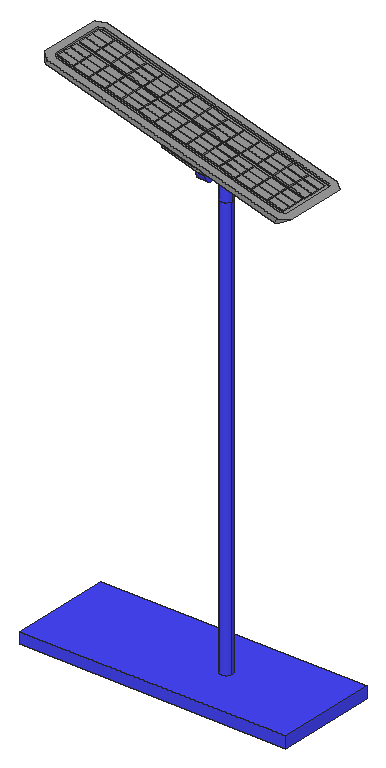
Revit family "BLS-6A", category Lighting Fixtures, host Face, Revit 2026 (continued)
Definition of nested family "BLS-6A - LIGHT FIXTURE"
  Definition of nested family "BLS-6A - SOLAR CELLS"
    Forms (ft)
      Extrusion 2, solid, material <- "SOLAR PANEL"
        sketch origin (-0.309798, -0.155913, 0.082835) x (0.965926, 0, -0.258819) y (0, 1, 0)
          loop
            line (-1.191096, 0.447917) -> (-1.191096, 0.320978) -> (-0.938678, 0.320978) -> (-0.938678, 0.447917) -> (-1.191096, 0.447917)
        from 0 to 0.018253
      Extrusion 3, solid, material <- "SOLAR PANEL"
        sketch origin (-0.309798, -0.290993, 0.082835) x (0.965926, 0, -0.258819) y (0, 1, 0)
          loop
            line (-1.191096, 0.447917) -> (-1.191096, 0.320978) -> (-0.938678, 0.320978) -> (-0.938678, 0.447917) -> (-1.191096, 0.447917)
        from 0 to 0.018253
      Extrusion 4, solid, material <- "SOLAR PANEL"
        sketch origin (-0.042156, -0.020833, 0.011121) x (0.965926, 0, -0.258819) y (0, 1, 0)
          loop
            line (-1.191096, 0.447917) -> (-1.191096, 0.320978) -> (-0.938678, 0.320978) -> (-0.938678, 0.447917) -> (-1.191096, 0.447917)
        from 0 to 0.018253
      Extrusion 5, solid, material <- "SOLAR PANEL"
        sketch origin (-0.042156, -0.155913, 0.011121) x (0.965926, 0, -0.258819) y (0, 1, 0)
          loop
            line (-1.191096, 0.447917) -> (-1.191096, 0.320978) -> (-0.938678, 0.320978) -> (-0.938678, 0.447917) -> (-1.191096, 0.447917)
        from 0 to 0.018253
      Extrusion 6, solid, material <- "SOLAR PANEL"
        sketch origin (-0.042156, -0.290993, 0.011121) x (0.965926, 0, -0.258819) y (0, 1, 0)
          loop
            line (-1.191096, 0.447917) -> (-1.191096, 0.320978) -> (-0.938678, 0.320978) -> (-0.938678, 0.447917) -> (-1.191096, 0.447917)
        from 0 to 0.018253
      Extrusion 7, solid, material <- "SOLAR PANEL"
        sketch origin (0.225486, -0.020833, -0.060593) x (0.965926, 0, -0.258819) y (0, 1, 0)
          loop
            line (-1.191096, 0.447917) -> (-1.191096, 0.320978) -> (-0.938678, 0.320978) -> (-0.938678, 0.447917) -> (-1.191096, 0.447917)
        from 0 to 0.018253
      Extrusion 8, solid, material <- "SOLAR PANEL"
        sketch origin (0.225486, -0.155913, -0.060593) x (0.965926, 0, -0.258819) y (0, 1, 0)
          loop
            line (-1.191096, 0.447917) -> (-1.191096, 0.320978) -> (-0.938678, 0.320978) -> (-0.938678, 0.447917) -> (-1.191096, 0.447917)
        from 0 to 0.018253
      Extrusion 9, solid, material <- "SOLAR PANEL"
        sketch origin (0.225486, -0.290993, -0.060593) x (0.965926, 0, -0.258819) y (0, 1, 0)
          loop
            line (-1.191096, 0.447917) -> (-1.191096, 0.320978) -> (-0.938678, 0.320978) -> (-0.938678, 0.447917) -> (-1.191096, 0.447917)
        from 0 to 0.018253
      Extrusion 10, solid, material <- "SOLAR PANEL"
        sketch origin (0.493128, -0.020833, -0.132308) x (0.965926, 0, -0.258819) y (0, 1, 0)
          loop
            line (-1.191096, 0.447917) -> (-1.191096, 0.320978) -> (-0.938678, 0.320978) -> (-0.938678, 0.447917) -> (-1.191096, 0.447917)
        from 0 to 0.018253
      Extrusion 11, solid, material <- "SOLAR PANEL"
        sketch origin (0.493128, -0.155913, -0.132308) x (0.965926, 0, -0.258819) y (0, 1, 0)
          loop
            line (-1.191096, 0.447917) -> (-1.191096, 0.320978) -> (-0.938678, 0.320978) -> (-0.938678, 0.447917) -> (-1.191096, 0.447917)
        from 0 to 0.018253
      Extrusion 12, solid, material <- "SOLAR PANEL"
        sketch origin (0.493128, -0.290993, -0.132308) x (0.965926, 0, -0.258819) y (0, 1, 0)
          loop
            line (-1.191096, 0.447917) -> (-1.191096, 0.320978) -> (-0.938678, 0.320978) -> (-0.938678, 0.447917) -> (-1.191096, 0.447917)
        from 0 to 0.018253
      Extrusion 13, solid, material <- "SOLAR PANEL"
        sketch origin (0.76077, -0.020833, -0.204022) x (0.965926, 0, -0.258819) y (0, 1, 0)
          loop
            line (-1.191096, 0.447917) -> (-1.191096, 0.320978) -> (-0.938678, 0.320978) -> (-0.938678, 0.447917) -> (-1.191096, 0.447917)
        from 0 to 0.018253
      Extrusion 14, solid, material <- "SOLAR PANEL"
        sketch origin (0.76077, -0.155913, -0.204022) x (0.965926, 0, -0.258819) y (0, 1, 0)
          loop
            line (-1.191096, 0.447917) -> (-1.191096, 0.320978) -> (-0.938678, 0.320978) -> (-0.938678, 0.447917) -> (-1.191096, 0.447917)
        from 0 to 0.018253
      Extrusion 15, solid, material <- "SOLAR PANEL"
        sketch origin (0.76077, -0.290993, -0.204022) x (0.965926, 0, -0.258819) y (0, 1, 0)
          loop
            line (-1.191096, 0.447917) -> (-1.191096, 0.320978) -> (-0.938678, 0.320978) -> (-0.938678, 0.447917) -> (-1.191096, 0.447917)
        from 0 to 0.018253
      Extrusion 16, solid, material <- "SOLAR PANEL"
        sketch origin (1.028412, -0.020833, -0.275737) x (0.965926, 0, -0.258819) y (0, 1, 0)
          loop
            line (-1.191096, 0.447917) -> (-1.191096, 0.320978) -> (-0.938678, 0.320978) -> (-0.938678, 0.447917) -> (-1.191096, 0.447917)
        from 0 to 0.018253
      Extrusion 17, solid, material <- "SOLAR PANEL"
        sketch origin (1.028412, -0.155913, -0.275737) x (0.965926, 0, -0.258819) y (0, 1, 0)
          loop
            line (-1.191096, 0.447917) -> (-1.191096, 0.320978) -> (-0.938678, 0.320978) -> (-0.938678, 0.447917) -> (-1.191096, 0.447917)
        from 0 to 0.018253
      Extrusion 18, solid, material <- "SOLAR PANEL"
        sketch origin (1.028412, -0.290993, -0.275737) x (0.965926, 0, -0.258819) y (0, 1, 0)
          loop
            line (-1.191096, 0.447917) -> (-1.191096, 0.320978) -> (-0.938678, 0.320978) -> (-0.938678, 0.447917) -> (-1.191096, 0.447917)
        from 0 to 0.018253
      Extrusion 19, solid, material <- "SOLAR PANEL"
        sketch origin (1.296054, -0.020833, -0.347451) x (0.965926, 0, -0.258819) y (0, 1, 0)
          loop
            line (-1.191096, 0.447917) -> (-1.191096, 0.320978) -> (-0.938678, 0.320978) -> (-0.938678, 0.447917) -> (-1.191096, 0.447917)
        from 0 to 0.018253
      Extrusion 20, solid, material <- "SOLAR PANEL"
        sketch origin (1.296054, -0.155913, -0.347451) x (0.965926, 0, -0.258819) y (0, 1, 0)
          loop
            line (-1.191096, 0.447917) -> (-1.191096, 0.320978) -> (-0.938678, 0.320978) -> (-0.938678, 0.447917) -> (-1.191096, 0.447917)
        from 0 to 0.018253
      Extrusion 21, solid, material <- "SOLAR PANEL"
        sketch origin (1.296054, -0.290993, -0.347451) x (0.965926, 0, -0.258819) y (0, 1, 0)
          loop
            line (-1.191096, 0.447917) -> (-1.191096, 0.320978) -> (-0.938678, 0.320978) -> (-0.938678, 0.447917) -> (-1.191096, 0.447917)
        from 0 to 0.018253
      Extrusion 22, solid, material <- "SOLAR PANEL"
        sketch origin (1.563696, -0.020833, -0.419166) x (0.965926, 0, -0.258819) y (0, 1, 0)
          loop
            line (-1.191096, 0.447917) -> (-1.191096, 0.320978) -> (-0.938678, 0.320978) -> (-0.938678, 0.447917) -> (-1.191096, 0.447917)
        from 0 to 0.018253
      Extrusion 23, solid, material <- "SOLAR PANEL"
        sketch origin (1.563696, -0.155913, -0.419166) x (0.965926, 0, -0.258819) y (0, 1, 0)
          loop
            line (-1.191096, 0.447917) -> (-1.191096, 0.320978) -> (-0.938678, 0.320978) -> (-0.938678, 0.447917) -> (-1.191096, 0.447917)
        from 0 to 0.018253
      Extrusion 24, solid, material <- "SOLAR PANEL"
        sketch origin (1.563696, -0.290993, -0.419166) x (0.965926, 0, -0.258819) y (0, 1, 0)
          loop
            line (-1.191096, 0.447917) -> (-1.191096, 0.320978) -> (-0.938678, 0.320978) -> (-0.938678, 0.447917) -> (-1.191096, 0.447917)
        from 0 to 0.018253
      Extrusion 25, solid, material <- "SOLAR PANEL"
        sketch origin (1.831338, -0.020833, -0.49088) x (0.965926, 0, -0.258819) y (0, 1, 0)
          loop
            line (-1.191096, 0.447917) -> (-1.191096, 0.320978) -> (-0.938678, 0.320978) -> (-0.938678, 0.447917) -> (-1.191096, 0.447917)
        from 0 to 0.018253
      Extrusion 26, solid, material <- "SOLAR PANEL"
        sketch origin (1.831338, -0.155913, -0.49088) x (0.965926, 0, -0.258819) y (0, 1, 0)
          loop
            line (-1.191096, 0.447917) -> (-1.191096, 0.320978) -> (-0.938678, 0.320978) -> (-0.938678, 0.447917) -> (-1.191096, 0.447917)
        from 0 to 0.018253
      Extrusion 27, solid, material <- "SOLAR PANEL"
        sketch origin (1.831338, -0.290993, -0.49088) x (0.965926, 0, -0.258819) y (0, 1, 0)
          loop
            line (-1.191096, 0.447917) -> (-1.191096, 0.320978) -> (-0.938678, 0.320978) -> (-0.938678, 0.447917) -> (-1.191096, 0.447917)
        from 0 to 0.018253
      Extrusion 28, solid, material <- "SOLAR PANEL"
        sketch origin (2.09898, -0.020833, -0.562595) x (0.965926, 0, -0.258819) y (0, 1, 0)
          loop
            line (-1.191096, 0.447917) -> (-1.191096, 0.320978) -> (-0.938678, 0.320978) -> (-0.938678, 0.447917) -> (-1.191096, 0.447917)
        from 0 to 0.018253
      Extrusion 29, solid, material <- "SOLAR PANEL"
        sketch origin (2.09898, -0.155913, -0.562595) x (0.965926, 0, -0.258819) y (0, 1, 0)
          loop
            line (-1.191096, 0.447917) -> (-1.191096, 0.320978) -> (-0.938678, 0.320978) -> (-0.938678, 0.447917) -> (-1.191096, 0.447917)
        from 0 to 0.018253
      Extrusion 30, solid, material <- "SOLAR PANEL"
        sketch origin (2.09898, -0.290993, -0.562595) x (0.965926, 0, -0.258819) y (0, 1, 0)
          loop
            line (-1.191096, 0.447917) -> (-1.191096, 0.320978) -> (-0.938678, 0.320978) -> (-0.938678, 0.447917) -> (-1.191096, 0.447917)
        from 0 to 0.018253
      Extrusion 31, solid, material <- "SOLAR PANEL"
        sketch origin (2.366622, -0.020833, -0.634309) x (0.965926, 0, -0.258819) y (0, 1, 0)
          loop
            line (-1.191096, 0.447917) -> (-1.191096, 0.320978) -> (-0.938678, 0.320978) -> (-0.938678, 0.447917) -> (-1.191096, 0.447917)
        from 0 to 0.018253
      Extrusion 32, solid, material <- "SOLAR PANEL"
        sketch origin (2.366622, -0.155913, -0.634309) x (0.965926, 0, -0.258819) y (0, 1, 0)
          loop
            line (-1.191096, 0.447917) -> (-1.191096, 0.320978) -> (-0.938678, 0.320978) -> (-0.938678, 0.447917) -> (-1.191096, 0.447917)
        from 0 to 0.018253
      Extrusion 33, solid, material <- "SOLAR PANEL"
        sketch origin (2.366622, -0.290993, -0.634309) x (0.965926, 0, -0.258819) y (0, 1, 0)
          loop
            line (-1.191096, 0.447917) -> (-1.191096, 0.320978) -> (-0.938678, 0.320978) -> (-0.938678, 0.447917) -> (-1.191096, 0.447917)
        from 0 to 0.018253
      Extrusion 34, solid, material <- "SOLAR PANEL"
        sketch origin (2.634264, -0.020833, -0.706023) x (0.965926, 0, -0.258819) y (0, 1, 0)
          loop
            line (-1.191096, 0.447917) -> (-1.191096, 0.320978) -> (-0.938678, 0.320978) -> (-0.938678, 0.447917) -> (-1.191096, 0.447917)
        from 0 to 0.018253
      Extrusion 35, solid, material <- "SOLAR PANEL"
        sketch origin (2.634264, -0.155913, -0.706023) x (0.965926, 0, -0.258819) y (0, 1, 0)
          loop
            line (-1.191096, 0.447917) -> (-1.191096, 0.320978) -> (-0.938678, 0.320978) -> (-0.938678, 0.447917) -> (-1.191096, 0.447917)
        from 0 to 0.018253
      Extrusion 36, solid, material <- "SOLAR PANEL"
        sketch origin (2.634264, -0.290993, -0.706023) x (0.965926, 0, -0.258819) y (0, 1, 0)
          loop
            line (-1.191096, 0.447917) -> (-1.191096, 0.320978) -> (-0.938678, 0.320978) -> (-0.938678, 0.447917) -> (-1.191096, 0.447917)
        from 0 to 0.018253
      Extrusion 37, solid, material <- "SOLAR PANEL"
        sketch origin (2.901906, -0.020833, -0.777738) x (0.965926, 0, -0.258819) y (0, 1, 0)
          loop
            line (-1.191096, 0.447917) -> (-1.191096, 0.320978) -> (-0.938678, 0.320978) -> (-0.938678, 0.447917) -> (-1.191096, 0.447917)
        from 0 to 0.018253
      Extrusion 38, solid, material <- "SOLAR PANEL"
        sketch origin (2.901906, -0.155913, -0.777738) x (0.965926, 0, -0.258819) y (0, 1, 0)
          loop
            line (-1.191096, 0.447917) -> (-1.191096, 0.320978) -> (-0.938678, 0.320978) -> (-0.938678, 0.447917) -> (-1.191096, 0.447917)
        from 0 to 0.018253
      Extrusion 39, solid, material <- "SOLAR PANEL"
        sketch origin (2.901906, -0.290993, -0.777738) x (0.965926, 0, -0.258819) y (0, 1, 0)
          loop
            line (-1.191096, 0.447917) -> (-1.191096, 0.320978) -> (-0.938678, 0.320978) -> (-0.938678, 0.447917) -> (-1.191096, 0.447917)
        from 0 to 0.018253
      Extrusion 40, solid, material <- "SOLAR PANEL"
        sketch origin (3.169548, -0.020833, -0.849452) x (0.965926, 0, -0.258819) y (0, 1, 0)
          loop
            line (-1.191096, 0.447917) -> (-1.191096, 0.320978) -> (-0.938678, 0.320978) -> (-0.938678, 0.447917) -> (-1.191096, 0.447917)
        from 0 to 0.018253
      Extrusion 41, solid, material <- "SOLAR PANEL"
        sketch origin (3.169548, -0.155913, -0.849452) x (0.965926, 0, -0.258819) y (0, 1, 0)
          loop
            line (-1.191096, 0.447917) -> (-1.191096, 0.320978) -> (-0.938678, 0.320978) -> (-0.938678, 0.447917) -> (-1.191096, 0.447917)
        from 0 to 0.018253
      Extrusion 42, solid, material <- "SOLAR PANEL"
        sketch origin (3.169548, -0.290993, -0.849452) x (0.965926, 0, -0.258819) y (0, 1, 0)
          loop
            line (-1.191096, 0.447917) -> (-1.191096, 0.320978) -> (-0.938678, 0.320978) -> (-0.938678, 0.447917) -> (-1.191096, 0.447917)
        from 0 to 0.018253
    Dimensions and locks (ft)
      aligned and locked: plane 2 to level
  Definition of nested family "BLS-6A - LED"
    Parameters (values of type "BLS-6A - LED")
      PANEL = none
      LENS = none
      LED CHIP = none
      Default Elevation = 0.0 ft
    Reference planes (ft)
      plane 1 "Center (Front/Back)": y = 0
      plane 2: z = 0
      plane 3 "Center (Left/Right)": x = 0
    Forms (ft)
      Extrusion 1, solid, material <- "LED CHIP"
        sketch origin (-3.464553, 0, -0.058792) x (-0.965878, 0, 0.258996) y (0, 1, 0)
          loop
            circle (-2.0653, 0.192913) r 0.0625
        from -0.492008 to -0.480513
      Extrusion 2, solid, material <- "LENS"
        sketch origin (-3.453454, 0, -0.076659) x (-0.967417, 0, 0.253187) y (0, 1, 0)
          loop
            line (-2.144424, 0.272633) -> (-2.144424, 0.105966)
            arc (-2.144424, 0.105966) -> (-2.050674, 0.06626) -> (-1.956924, 0.105966) r 0.13053
            line (-1.956924, 0.105966) -> (-1.956924, 0.272633)
            arc (-1.956924, 0.272633) -> (-2.050674, 0.312339) -> (-2.144424, 0.272633) r 0.13053
        from -0.494077 to -0.45051
      Extrusion 3, solid, material <- "LED CHIP"
        sketch origin (-3.710156, 0, 0.00733) x (-0.965878, 0, 0.258996) y (0, 1, 0)
          loop
            circle (-2.0653, 0.192913) r 0.0625
        from -0.492008 to -0.480513
      Extrusion 4, solid, material <- "LENS"
        sketch origin (-3.695023, 0, -0.011364) x (-0.967417, 0, 0.253187) y (0, 1, 0)
          loop
            line (-2.144424, 0.272633) -> (-2.144424, 0.105966)
            arc (-2.144424, 0.105966) -> (-2.050674, 0.06626) -> (-1.956924, 0.105966) r 0.13053
            line (-1.956924, 0.105966) -> (-1.956924, 0.272633)
            arc (-1.956924, 0.272633) -> (-2.050674, 0.312339) -> (-2.144424, 0.272633) r 0.13053
        from -0.494077 to -0.45051
      Extrusion 5, solid, material <- "LED CHIP"
        sketch origin (-3.935102, 0, 0.067348) x (-0.965878, 0, 0.258996) y (0, 1, 0)
          loop
            circle (-2.0653, 0.192913) r 0.0625
        from -0.492008 to -0.480513
      Extrusion 6, solid, material <- "LENS"
        sketch origin (-3.924003, 0, 0.049481) x (-0.967417, 0, 0.253187) y (0, 1, 0)
          loop
            line (-2.144424, 0.272633) -> (-2.144424, 0.105966)
            arc (-2.144424, 0.105966) -> (-2.050674, 0.06626) -> (-1.956924, 0.105966) r 0.13053
            line (-1.956924, 0.105966) -> (-1.956924, 0.272633)
            arc (-1.956924, 0.272633) -> (-2.050674, 0.312339) -> (-2.144424, 0.272633) r 0.13053
        from -0.494077 to -0.45051
      Extrusion 7, solid, material <- "LED CHIP"
        sketch origin (-4.174416, 0, 0.131342) x (-0.965878, 0, 0.258996) y (0, 1, 0)
          loop
            circle (-2.0653, 0.192913) r 0.0625
        from -0.492008 to -0.480513
      Extrusion 8, solid, material <- "LENS"
        sketch origin (-4.163317, 0, 0.113474) x (-0.967417, 0, 0.253187) y (0, 1, 0)
          loop
            line (-2.144424, 0.272633) -> (-2.144424, 0.105966)
            arc (-2.144424, 0.105966) -> (-2.050674, 0.06626) -> (-1.956924, 0.105966) r 0.13053
            line (-1.956924, 0.105966) -> (-1.956924, 0.272633)
            arc (-1.956924, 0.272633) -> (-2.050674, 0.312339) -> (-2.144424, 0.272633) r 0.13053
        from -0.494077 to -0.45051
      Extrusion 9, solid, material <- "LED CHIP"
        sketch origin (-3.464553, 0, -0.058792) x (-0.965878, 0, 0.258996) y (0, 1, 0)
          loop
            circle (-2.0653, -0.192913) r 0.0625
        from -0.492008 to -0.480513
      Extrusion 10, solid, material <- "LENS"
        sketch origin (-3.453454, 0, -0.076659) x (-0.967417, 0, 0.253187) y (0, 1, 0)
          loop
            arc (-2.144424, -0.272633) -> (-2.050674, -0.312339) -> (-1.956924, -0.272633) r 0.13053
            line (-1.956924, -0.272633) -> (-1.956924, -0.105966)
            arc (-1.956924, -0.105966) -> (-2.050674, -0.06626) -> (-2.144424, -0.105966) r 0.13053
            line (-2.144424, -0.105966) -> (-2.144424, -0.272633)
        from -0.494077 to -0.45051
      Extrusion 11, solid, material <- "LED CHIP"
        sketch origin (-3.710156, 0, 0.00733) x (-0.965878, 0, 0.258996) y (0, 1, 0)
          loop
            circle (-2.0653, -0.192913) r 0.0625
        from -0.492008 to -0.480513
      Extrusion 12, solid, material <- "LENS"
        sketch origin (-3.695023, 0, -0.011364) x (-0.967417, 0, 0.253187) y (0, 1, 0)
          loop
            arc (-2.144424, -0.272633) -> (-2.050674, -0.312339) -> (-1.956924, -0.272633) r 0.13053
            line (-1.956924, -0.272633) -> (-1.956924, -0.105966)
            arc (-1.956924, -0.105966) -> (-2.050674, -0.06626) -> (-2.144424, -0.105966) r 0.13053
            line (-2.144424, -0.105966) -> (-2.144424, -0.272633)
        from -0.494077 to -0.45051
      Extrusion 13, solid, material <- "LED CHIP"
        sketch origin (-3.935102, 0, 0.067348) x (-0.965878, 0, 0.258996) y (0, 1, 0)
          loop
            circle (-2.0653, -0.192913) r 0.0625
        from -0.492008 to -0.480513
      Extrusion 14, solid, material <- "LENS"
        sketch origin (-3.924003, 0, 0.049481) x (-0.967417, 0, 0.253187) y (0, 1, 0)
          loop
            arc (-2.144424, -0.272633) -> (-2.050674, -0.312339) -> (-1.956924, -0.272633) r 0.13053
            line (-1.956924, -0.272633) -> (-1.956924, -0.105966)
            arc (-1.956924, -0.105966) -> (-2.050674, -0.06626) -> (-2.144424, -0.105966) r 0.13053
            line (-2.144424, -0.105966) -> (-2.144424, -0.272633)
        from -0.494077 to -0.45051
      Extrusion 15, solid, material <- "LED CHIP"
        sketch origin (-4.174416, 0, 0.131342) x (-0.965878, 0, 0.258996) y (0, 1, 0)
          loop
            circle (-2.0653, -0.192913) r 0.0625
        from -0.492008 to -0.480513
      Extrusion 16, solid, material <- "LENS"
        sketch origin (-4.163317, 0, 0.113474) x (-0.967417, 0, 0.253187) y (0, 1, 0)
          loop
            arc (-2.144424, -0.272633) -> (-2.050674, -0.312339) -> (-1.956924, -0.272633) r 0.13053
            line (-1.956924, -0.272633) -> (-1.956924, -0.105966)
            arc (-1.956924, -0.105966) -> (-2.050674, -0.06626) -> (-2.144424, -0.105966) r 0.13053
            line (-2.144424, -0.105966) -> (-2.144424, -0.272633)
        from -0.494077 to -0.45051
    Dimensions and locks (ft)
      aligned and locked: plane 2 to level
  Definition of nested family "DRIVER"
    Parameters (values of type "DRIVER")
      PANEL = none
      Default Elevation = 0.0 ft
    Reference planes (ft)
      plane 1 "Center (Front/Back)": y = 0
      plane 2: z = 0
      plane 3 "Center (Left/Right)": x = 0
    Forms (ft)
      Extrusion 1, solid, material <- "PANEL"
        sketch origin (0.179678, 0, 0.281674) x (0.965021, 0, -0.262172) y (0, -1, 0)
          loop
            line (1.124603, -0.294588) -> (2.187103, -0.294588) -> (2.187103, 0.267912) -> (1.124603, 0.267912) -> (1.124603, -0.294588)
        from 0.3883 to 0.486549
      Extrusion 2, solid, material <- "PANEL"
        sketch origin (0.180121, 0, 0.280361) x (0.965358, 0, -0.26093) y (0, -1, 0)
          loop
            line (1.166269, -0.294588) -> (1.166269, -0.326614)
            arc (1.166269, -0.326614) -> (1.17587, -0.349792) -> (1.199048, -0.359393) r 0.032779
            line (1.199048, -0.359393) -> (1.199048, -0.453606)
            arc (1.199048, -0.453606) -> (1.209948, -0.47698) -> (1.23486, -0.483656) r 0.030514
            line (1.23486, -0.483656) -> (1.651527, -0.483656) -> (2.068194, -0.483656)
            arc (2.068194, -0.483656) -> (2.093106, -0.47698) -> (2.104006, -0.453606) r 0.030514
            line (2.104006, -0.453606) -> (2.104006, -0.359393)
            arc (2.104006, -0.359393) -> (2.127184, -0.349792) -> (2.136784, -0.326614) r 0.032779
            line (2.136784, -0.326614) -> (2.136784, -0.294588) -> (1.166269, -0.294588)
        from 0.389278 to 0.395816
      Extrusion 3, solid, material <- "PANEL"
        sketch origin (0.180121, 0.026042, 0.280361) x (0.965358, 0, -0.26093) y (0, -1, 0)
          loop
            line (1.166269, 0.294588) -> (2.136784, 0.294588) -> (2.136784, 0.326614)
            arc (2.136784, 0.326614) -> (2.127184, 0.349792) -> (2.104006, 0.359393) r 0.032779
            line (2.104006, 0.359393) -> (2.104006, 0.453606)
            arc (2.104006, 0.453606) -> (2.093106, 0.47698) -> (2.068194, 0.483656) r 0.030514
            line (2.068194, 0.483656) -> (1.651527, 0.483656) -> (1.23486, 0.483656)
            arc (1.23486, 0.483656) -> (1.209948, 0.47698) -> (1.199048, 0.453606) r 0.030514
            line (1.199048, 0.453606) -> (1.199048, 0.359393)
            arc (1.199048, 0.359393) -> (1.17587, 0.349792) -> (1.166269, 0.326614) r 0.032779
            line (1.166269, 0.326614) -> (1.166269, 0.294588)
        from 0.389278 to 0.395816
      Extrusion 4, solid
        sketch origin (0.195688, 0, 0.414938) x (0.963885, 0, -0.266319) y (0, -1, 0)
          loop
            line (1.654132, -0.479797) -> (1.654132, -0.426481)
            arc (1.654132, -0.426481) -> (1.627759, -0.453139) -> (1.654132, -0.479797) r 0.026659
          loop
            arc (1.658241, -0.479499) -> (1.684601, -0.453139) -> (1.658241, -0.426778) r 0.026361
            line (1.658241, -0.426778) -> (1.658241, -0.479499)
        from 0.518288 to 0.525259
      Extrusion 5, solid
        sketch origin (0.612355, 0, 0.414938) x (0.963885, 0, -0.266319) y (0, -1, 0)
          loop
            line (1.654132, -0.479797) -> (1.654132, -0.426481)
            arc (1.654132, -0.426481) -> (1.627759, -0.453139) -> (1.654132, -0.479797) r 0.026659
          loop
            arc (1.658241, -0.479499) -> (1.684601, -0.453139) -> (1.658241, -0.426778) r 0.026361
            line (1.658241, -0.426778) -> (1.658241, -0.479499)
        from 0.626883 to 0.636226
      Extrusion 6, solid
        sketch origin (-0.174853, 0, 0.414938) x (0.963885, 0, -0.266319) y (0, -1, 0)
          loop
            line (1.654132, -0.479797) -> (1.654132, -0.426481)
            arc (1.654132, -0.426481) -> (1.627759, -0.453139) -> (1.654132, -0.479797) r 0.026659
          loop
            arc (1.658241, -0.479499) -> (1.684601, -0.453139) -> (1.658241, -0.426778) r 0.026361
            line (1.658241, -0.426778) -> (1.658241, -0.479499)
        from 0.419606 to 0.426577
      Extrusion 7, solid
        sketch origin (0.195688, -0.130999, 0.414938) x (0.963885, 0, -0.266319) y (0, -1, 0)
          loop
            line (1.654132, -0.479797) -> (1.654132, -0.426481)
            arc (1.654132, -0.426481) -> (1.627759, -0.453139) -> (1.654132, -0.479797) r 0.026659
          loop
            arc (1.658241, -0.479499) -> (1.684601, -0.453139) -> (1.658241, -0.426778) r 0.026361
            line (1.658241, -0.426778) -> (1.658241, -0.479499)
        from 0.518288 to 0.525259
      Extrusion 8, solid
        sketch origin (0.612355, -0.130999, 0.414938) x (0.963885, 0, -0.266319) y (0, -1, 0)
          loop
            line (1.654132, -0.479797) -> (1.654132, -0.426481)
            arc (1.654132, -0.426481) -> (1.627759, -0.453139) -> (1.654132, -0.479797) r 0.026659
          loop
            arc (1.658241, -0.479499) -> (1.684601, -0.453139) -> (1.658241, -0.426778) r 0.026361
            line (1.658241, -0.426778) -> (1.658241, -0.479499)
        from 0.626883 to 0.636226
      Extrusion 9, solid
        sketch origin (-0.174853, -0.130999, 0.414938) x (0.963885, 0, -0.266319) y (0, -1, 0)
          loop
            line (1.654132, -0.479797) -> (1.654132, -0.426481)
            arc (1.654132, -0.426481) -> (1.627759, -0.453139) -> (1.654132, -0.479797) r 0.026659
          loop
            arc (1.658241, -0.479499) -> (1.684601, -0.453139) -> (1.658241, -0.426778) r 0.026361
            line (1.658241, -0.426778) -> (1.658241, -0.479499)
        from 0.419606 to 0.426577
      Extrusion 10, solid
        sketch origin (0.195688, -0.746113, 0.414938) x (0.963885, 0, -0.266319) y (0, -1, 0)
          loop
            line (1.654132, -0.479797) -> (1.654132, -0.426481)
            arc (1.654132, -0.426481) -> (1.627759, -0.453139) -> (1.654132, -0.479797) r 0.026659
          loop
            arc (1.658241, -0.479499) -> (1.684601, -0.453139) -> (1.658241, -0.426778) r 0.026361
            line (1.658241, -0.426778) -> (1.658241, -0.479499)
        from 0.518288 to 0.525259
      Extrusion 11, solid
        sketch origin (0.612355, -0.746113, 0.414938) x (0.963885, 0, -0.266319) y (0, -1, 0)
          loop
            line (1.654132, -0.479797) -> (1.654132, -0.426481)
            arc (1.654132, -0.426481) -> (1.627759, -0.453139) -> (1.654132, -0.479797) r 0.026659
          loop
            arc (1.658241, -0.479499) -> (1.684601, -0.453139) -> (1.658241, -0.426778) r 0.026361
            line (1.658241, -0.426778) -> (1.658241, -0.479499)
        from 0.626883 to 0.636226
      Extrusion 12, solid
        sketch origin (-0.174853, -0.746113, 0.414938) x (0.963885, 0, -0.266319) y (0, -1, 0)
          loop
            line (1.654132, -0.479797) -> (1.654132, -0.426481)
            arc (1.654132, -0.426481) -> (1.627759, -0.453139) -> (1.654132, -0.479797) r 0.026659
          loop
            arc (1.658241, -0.479499) -> (1.684601, -0.453139) -> (1.658241, -0.426778) r 0.026361
            line (1.658241, -0.426778) -> (1.658241, -0.479499)
        from 0.419606 to 0.426577
      Extrusion 13, solid
        sketch origin (0.195688, -0.871113, 0.414938) x (0.963885, 0, -0.266319) y (0, -1, 0)
          loop
            line (1.654132, -0.479797) -> (1.654132, -0.426481)
            arc (1.654132, -0.426481) -> (1.627759, -0.453139) -> (1.654132, -0.479797) r 0.026659
          loop
            arc (1.658241, -0.479499) -> (1.684601, -0.453139) -> (1.658241, -0.426778) r 0.026361
            line (1.658241, -0.426778) -> (1.658241, -0.479499)
        from 0.518288 to 0.525259
      Extrusion 14, solid
        sketch origin (0.612355, -0.871113, 0.414938) x (0.963885, 0, -0.266319) y (0, -1, 0)
          loop
            line (1.654132, -0.479797) -> (1.654132, -0.426481)
            arc (1.654132, -0.426481) -> (1.627759, -0.453139) -> (1.654132, -0.479797) r 0.026659
          loop
            arc (1.658241, -0.479499) -> (1.684601, -0.453139) -> (1.658241, -0.426778) r 0.026361
            line (1.658241, -0.426778) -> (1.658241, -0.479499)
        from 0.626883 to 0.636226
      Extrusion 15, solid
        sketch origin (-0.174853, -0.871113, 0.414938) x (0.963885, 0, -0.266319) y (0, -1, 0)
          loop
            line (1.654132, -0.479797) -> (1.654132, -0.426481)
            arc (1.654132, -0.426481) -> (1.627759, -0.453139) -> (1.654132, -0.479797) r 0.026659
          loop
            arc (1.658241, -0.479499) -> (1.684601, -0.453139) -> (1.658241, -0.426778) r 0.026361
            line (1.658241, -0.426778) -> (1.658241, -0.479499)
        from 0.419606 to 0.426577
    Lines and regions (ft)
      reference lines
        curve 1: line (-2.523335, 0, -0.598001) -> (-2.564953, 0, -0.64624)
        curve 2: line (-2.504791, 0, -0.667207) -> (-2.564953, 0, -0.64624)
    Dimensions and locks (ft)
      aligned and locked: plane 2 to level
  Definition of nested family "BRACKET"
    Parameters (values of type "BRACKET")
      PANEL = none
      SENSOR = none
      Default Elevation = 0.0 ft
      BRACKET = none
    Reference planes (ft)
      plane 1 "Center (Front/Back)": y = 0
      plane 2: z = 0
      plane 3 "Center (Left/Right)": x = 0
    Forms (ft)
      Extrusion 1, solid, material <- "BRACKET"
        sketch origin (0.106232, 0, -1.897929) x (0, 1, 0) y (0, 0, 1)
          loop
            line (0.535482, 1.589636) -> (0.477214, 1.589636) -> (0.477214, 1.450801)
            arc (0.477214, 1.450801) -> (0.452806, 1.391875) -> (0.39388, 1.367467) r 0.083333
            line (0.39388, 1.367467) -> (0, 1.367467) -> (-0.39388, 1.367467)
            arc (-0.39388, 1.367467) -> (-0.452806, 1.391875) -> (-0.477214, 1.450801) r 0.083333
            line (-0.477214, 1.450801) -> (-0.477214, 1.589636) -> (-0.535482, 1.589636) -> (-0.535482, 1.450801)
            arc (-0.535482, 1.450801) -> (-0.494008, 1.350673) -> (-0.39388, 1.309199) r 0.141602
            line (-0.39388, 1.309199) -> (0, 1.309199) -> (0.39388, 1.309199)
            arc (0.39388, 1.309199) -> (0.494008, 1.350673) -> (0.535482, 1.450801) r 0.141602
            line (0.535482, 1.450801) -> (0.535482, 1.589636)
        from 0.867815 to 1.019364
      Extrusion 2, solid, material <- "PANEL"
        sketch origin (0.070171, 0, 0.119689) x (0.965089, 0, -0.261921) y (0, -1, 0)
          loop
            line (1.143075, -0.625) -> (1.143075, -0.513338) -> (0.832736, -0.513338) -> (0.832736, 0) -> (0.832736, 0.513338) -> (1.143124, 0.513338) -> (1.143124, 0.625) -> (0.483997, 0.625) -> (0.483997, 0) -> (0.483997, -0.625) -> (1.143075, -0.625)
        from 0.173067 to 0.212454
      Extrusion 3, solid
        sketch origin (-0.857764, 0.122025, 0.810131) x (0.963885, 0, -0.266319) y (0, -1, 0)
          loop
            line (1.654132, -0.479797) -> (1.654132, -0.426481)
            arc (1.654132, -0.426481) -> (1.627759, -0.453139) -> (1.654132, -0.479797) r 0.026659
          loop
            arc (1.658241, -0.479499) -> (1.684601, -0.453139) -> (1.658241, -0.426778) r 0.026361
            line (1.658241, -0.426778) -> (1.658241, -0.479499)
        from 0.626883 to 0.636226
      Extrusion 4, solid
        sketch origin (0.085899, 0, 0.153488) x (0.963749, 0, -0.266812) y (0, -1, 0)
          loop
            circle (0.672999, 0.021434) r 0.083333
          loop
            circle (0.672999, 0.021434) r 0.0625
        from 0.245239 to 0.250306
      Revolve 5, solid, material <- "SENSOR"
        sketch origin (0, -0.019883, 0) x (1, 0, 0) y (0, 0, 1)
          loop
            line (0.671288, -0.262727) -> (0.608834, -0.245777)
            arc (0.608834, -0.245777) -> (0.623912, -0.284679) -> (0.659357, -0.306687) r 0.06578
            line (0.659357, -0.306687) -> (0.671288, -0.262727)
          axis (0.659357, -0.306687) -> (0.671288, -0.262727)
        angle from 0 to 360
      Extrusion 6, solid
        sketch origin (-0.610565, 0.122025, 0.747284) x (0.963885, 0, -0.266319) y (0, -1, 0)
          loop
            line (1.654132, -0.479797) -> (1.654132, -0.426481)
            arc (1.654132, -0.426481) -> (1.627759, -0.453139) -> (1.654132, -0.479797) r 0.026659
          loop
            arc (1.658241, -0.479499) -> (1.684601, -0.453139) -> (1.658241, -0.426778) r 0.026361
            line (1.658241, -0.426778) -> (1.658241, -0.479499)
        from 0.626883 to 0.636226
      Extrusion 7, solid
        sketch origin (-0.363318, 0.122025, 0.679588) x (0.963885, 0, -0.266319) y (0, -1, 0)
          loop
            line (1.654132, -0.479797) -> (1.654132, -0.426481)
            arc (1.654132, -0.426481) -> (1.627759, -0.453139) -> (1.654132, -0.479797) r 0.026659
          loop
            arc (1.658241, -0.479499) -> (1.684601, -0.453139) -> (1.658241, -0.426778) r 0.026361
            line (1.658241, -0.426778) -> (1.658241, -0.479499)
        from 0.626883 to 0.636226
      Extrusion 8, solid
        sketch origin (-0.857764, -0.122025, 0.810131) x (0.963885, 0, -0.266319) y (0, -1, 0)
          loop
            arc (1.654132, 0.479797) -> (1.627759, 0.453139) -> (1.654132, 0.426481) r 0.026659
            line (1.654132, 0.426481) -> (1.654132, 0.479797)
          loop
            line (1.658241, 0.479499) -> (1.658241, 0.426778)
            arc (1.658241, 0.426778) -> (1.684601, 0.453139) -> (1.658241, 0.479499) r 0.026361
        from 0.626883 to 0.636226
      Extrusion 9, solid
        sketch origin (-0.610565, -0.122025, 0.747284) x (0.963885, 0, -0.266319) y (0, -1, 0)
          loop
            arc (1.654132, 0.479797) -> (1.627759, 0.453139) -> (1.654132, 0.426481) r 0.026659
            line (1.654132, 0.426481) -> (1.654132, 0.479797)
          loop
            line (1.658241, 0.479499) -> (1.658241, 0.426778)
            arc (1.658241, 0.426778) -> (1.684601, 0.453139) -> (1.658241, 0.479499) r 0.026361
        from 0.626883 to 0.636226
      Extrusion 10, solid
        sketch origin (-0.363318, -0.122025, 0.679588) x (0.963885, 0, -0.266319) y (0, -1, 0)
          loop
            arc (1.654132, 0.479797) -> (1.627759, 0.453139) -> (1.654132, 0.426481) r 0.026659
            line (1.654132, 0.426481) -> (1.654132, 0.479797)
          loop
            line (1.658241, 0.479499) -> (1.658241, 0.426778)
            arc (1.658241, 0.426778) -> (1.684601, 0.453139) -> (1.658241, 0.479499) r 0.026361
        from 0.626883 to 0.636226
      Extrusion 11, solid, material <- "BRACKET"
        sketch origin (0, 0, 0) x (0, -1, 0) y (1, 0, 0)
          loop
            circle (0, 1.049894) r 0.099916
          loop
            circle (0, 1.049894) r 0.091996
        from -1.053316 to -0.530462
      Extrusion 12, void
        sketch origin (0, 0, 0) x (1, 0, 0) y (0, 0, 1)
          loop
            line (0.986382, -0.308293) -> (1.125603, -0.346077) -> (1.125603, -0.304366) -> (0.986382, -0.304366) -> (0.986382, -0.308293)
        from -0.6445 to 0.652206
    Cuts and joins
      Extrusion 12 cuts Extrusion 1
      Extrusion 12 cuts Extrusion 2
    Dimensions and locks (ft)
      aligned and locked: plane 2 to level
